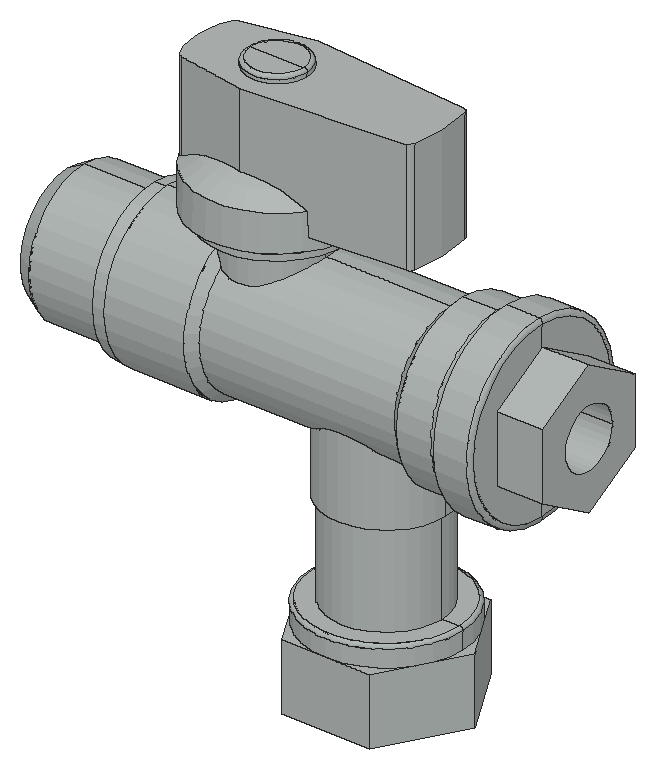
Revit family "QL22900000", category Apparecchi idraulici, Revit 2020
Family settings
  Quota connettore circolare = Usa diametro
  Tipo di parte = Normale
  Numero OmniClass = 23.45.00.00
  Titolo OmniClass = Sanitary, Laundry, and Cleaning Equipment
  Basato su piano di lavoro = No
  Sempre verticale = Sì
  Taglio con vuoti quando caricato = No
  Condiviso = No
  Punto di calcolo locali = No
Parameters
  URL = "https://web.cimberio.it/index.php/figura/1506?subcategoria_id="
  Temperatura di esercizio = "-20 ÷ 90°C"
  Prospetto di default = 0 mm
  Produttore = "CIMBERIO SPA"
  Pressione nominale = "PN 16"
  Modello = "Cim 47"
  Materiale = ""
  Descrizione = "Realizzato in ottemperanza ai requisiti gestionali della norma EN ISO 9001.\r\nCollaudato al 100% secondo la normativa EN 12266-1.\r\nUtilizzato per impianti idrici ed igienico-sanitari"
  DN Model [instance] = QL22902102 : QL22902102
  DN [instance] = 9 mm
  Type Comments = ""
Reference planes
  plane 1 "Centro (Fronte/Retro)": y = 0
  plane 2: z = 0
  plane 3 "Centro (Sinistra/Destra)": x = 0
Dimensions and locks
  aligned and locked: level to plane 2
Nested families
  nested 1: "QL22902102" at (0, 0, 0), type <- "DN Model", type "QL22902102"
  nested 2: "QL22902102" at (0, 0, 0), type <- "DN Model", type "QL22902102"
Connectors
  piping at (47, 0, 0.019), diameter 9, driven by "DN"
    settings: on nested 1, index 1, connector inside diameter 609.6 mm, connector length 0 mm, flow factor 0, pipe flow 0.0 L/s, pressure drop 0.0 Pa, fitting loss kfactor 0, connector angle 0.00°, fixture units 0, engagement length 0 mm, angle of deflection 0.00°, flow configuration 0, flow direction 0, fitting loss method 0, system type 7, joint type 0, gender type 0, connector reference index -1, connector utility 0, adjustable connector no, is connector primary yes, connector description ""
  piping at (-31.6, 0, 0), diameter 9, driven by "DN"
    settings: on nested 1, index 2, connector inside diameter 609.6 mm, connector length 0 mm, flow factor 0, pipe flow 0.0 L/s, pressure drop 0.0 Pa, fitting loss kfactor 0, connector angle 0.00°, fixture units 0, engagement length 0 mm, angle of deflection 0.00°, flow configuration 0, flow direction 0, fitting loss method 0, system type 7, joint type 0, gender type 0, connector reference index -1, connector utility 0, adjustable connector no, is connector primary no, connector description ""
Definition of nested family "QL22902102"
  Parameters (values of type "QL22902102")
    URL = ""
    Default Elevation = 0 mm
    Manufacturer = ""
    Model = ""
    Description = ""
    Type Comments = ""
  Reference planes
    plane 1 "Centro (Fronte/Retro)": y = 0
    plane 2: z = 0
    plane 3 "Centro (Sinistra/Destra)": x = 0
    plane 4: x = 16.5
  Forms (mm)
    Extrusion 1, solid
      sketch origin (0, 0, 0) x (0, 1, 0) y (0, 0, 1)
        loop
          circle (0, 0.019) r 4.5
        loop
          line (0, 10.019) -> (-8.66, 5.019) -> (-8.66, -4.981) -> (0, -9.981) -> (8.66, -4.981) -> (8.66, 5.019) -> (0, 10.019)
      from 40 to 47
    Revolve 2, solid
      sketch origin (0, 0, 0) x (1, 0, 0) y (0, 0, 1)
        loop
          line (-7.397, 7.833) -> (0, 7.833) -> (0, 18.19) -> (-7.397, 18.19) -> (-7.397, 7.833)
        axis (0, 18.19) -> (0, 7.833)
      angle from 0 to 360
    Revolve 3, solid
      sketch origin (0, 0, -0.25) x (1, 0, 0) y (0, 0, 1)
        loop
          line (0, 13.55) -> (0, 24.481)
          arc (0, 24.481) -> (-6.22, 23.693) -> (-11.805, 20.845) r 18.248
          line (-11.805, 20.845) -> (-11.9, 15.416) -> (-10.305, 14.495) -> (-10.305, 13.55) -> (0, 13.55)
        axis (0, 24.481) -> (0, 13.55)
      angle from 0 to 360
    Extrusion 4, solid
      sketch origin (0, 0, -0.25) x (1, 0, 0) y (0, 1, 0)
        loop
          line (0.195, 7.359) -> (-10.06, 5.415)
          arc (-10.06, 5.415) -> (-10.457, 5.241) -> (-10.736, 4.91) r 0.957
          arc (-10.736, 4.91) -> (-11.535, 2.512) -> (-11.805, 0) r 11.805
          arc (-11.805, 0) -> (-11.523, -2.566) -> (-10.69, -5.009) r 11.805
          arc (-10.69, -5.009) -> (-10.411, -5.341) -> (-10.01, -5.508) r 0.921
          line (-10.01, -5.508) -> (0.165, -7.353) -> (23.966, -5.423)
          arc (23.966, -5.423) -> (24.352, -5.131) -> (24.556, -4.691) r 1
          arc (24.556, -4.691) -> (25, 0) -> (24.556, 4.691) r 25
          arc (24.556, 4.691) -> (24.243, 5.247) -> (23.658, 5.5) r 1
          line (23.658, 5.5) -> (0.195, 7.359)
      from 17.32 to 34.35
    Revolve 5, solid
      sketch origin (0, 0, -0.25) x (1, 0, 0) y (0, 0, 1)
        loop
          line (4.001, 35.35) -> (0, 35.35) -> (0, 33.3) -> (4.5, 33.3) -> (4.5, 34.85)
          arc (4.5, 34.85) -> (4.354, 35.203) -> (4.001, 35.35) r 0.5
        axis (0, 35.35) -> (0, 33.3)
      angle from 0 to 360
    Revolve 6, solid
      sketch origin (0, 0, 0) x (1, 0, 0) y (0, 0, 1)
        loop
          line (-16.5, -12) -> (-4.5, -12) -> (-3.25, -10.75) -> (26.25, -10.75) -> (28, -12.5) -> (33.124, -12.5)
          arc (33.124, -12.5) -> (34.111, -12.871) -> (34.61, -13.8) r 1.5
          line (34.61, -13.8) -> (39.6, -13.8)
          arc (39.6, -13.8) -> (39.895, -13.447) -> (40, -12.999) r 1
          line (40, -12.999) -> (40, -4.5) -> (-16.5, -4.5) -> (-16.5, -12)
        axis (-16.5, 0) -> (40, 0)
      angle from 0 to 360
    Revolve 7, solid
      sketch origin (0, 0, 0) x (1, 0, 0) y (0, 0, 1)
        loop
          line (-29.1, 10.45) -> (-31.6, 9.007) -> (-31.6, 4.5) -> (-18.5, 4.5) -> (-18.5, 10.45) -> (-29.1, 10.45)
        axis (-31.6, 0) -> (-18.5, 0)
      angle from 0 to 360
    Revolve 8, solid
      sketch origin (0, 0, 0) x (1, 0, 0) y (0, 0, 1)
        loop
          line (-18.5, -11.75) -> (-16.5, -11.75) -> (-16.5, -4.5) -> (-18.5, -4.5) -> (-18.5, -11.75)
        axis (-18.5, 0) -> (-16.5, 0)
      angle from 0 to 360
    Revolve 9, solid
      sketch origin (0, 0, 0) x (1, 0, 0) y (0, 0, 1)
        loop
          line (7.5, -18) -> (16.5, -18) -> (16.5, -4.278) -> (7.5, -4.278) -> (7.5, -18)
        axis (16.5, -18) -> (16.5, -4.278)
      angle from 0 to 360
    Revolve 10, solid
      sketch origin (0, 0, 0) x (1, 0, 0) y (0, 0, 1)
        loop
          line (8.15, -32.2) -> (16.5, -32.2) -> (16.5, -18) -> (8.15, -18) -> (8.15, -32.2)
        axis (16.5, -32.2) -> (16.5, -18)
      angle from 0 to 360
    Revolve 11, solid
      sketch origin (0, 0, 0) x (1, 0, 0) y (0, 0, 1)
        loop
          arc (5.501, -32.2) -> (5.147, -32.346) -> (5, -32.7) r 0.5
          line (5, -32.7) -> (5, -35.2) -> (16.5, -35.2) -> (16.5, -32.2) -> (5.501, -32.2)
        axis (16.5, -35.2) -> (16.5, -32.2)
      angle from 0 to 360
    Extrusion 12, solid
      sketch origin (0, 0, 0) x (1, 0, 0) y (0, 1, 0)
        loop
          circle (16.5, 0) r 4.5
        loop
          line (29.75, 0) -> (23.125, 11.475) -> (9.875, 11.475) -> (3.25, 0) -> (9.875, -11.475) -> (23.125, -11.475) -> (29.75, 0)
      from -45.2 to -35.2
  Dimensions and locks
    aligned and locked: level to plane 2
